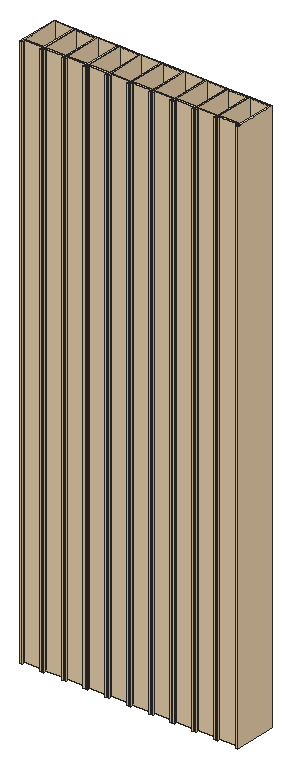
Revit family "Aluminium Post", category Mechanical Equipment, Revit 2017
Family settings
  Round Connector Dimension = Use Diameter
  Part Type = Normal
  Work Plane-Based = No
  Always vertical = Yes
  Cut with Voids When Loaded = No
  Shared = No
  Room Calculation Point = No
Parameters (values of type "Pine")
  URL = ""
  Single = Panel Number = 1  # no
  Panel Number = 10
  Distance between beam = 0 mm
  Array Number = if(Panel Number = 1, 2, Panel Number)  # 10
  Model = "Aluminium post"
  Manufacturer = "gtoaluminum"
  Height = 1000 mm
  Finish = Pine, Scots
  Dimensions = "2.36”W x 0.70”H x 19’L | 0.047” thickness"
  Description = "This profile is ideal for both interior and exterior cladding. It is slightly wider than the Click 40, making it suitable for covering more substantial surfaces. It can cover cracks, peelings, and marks on walls without the need for wall treatment. It can be used for pergolas, fences, doors, ceilings, and both interior and exterior walls. It comes in different shades of wood and other colors or can be painted in a custom color. The installation is effortless, and the finishing looks seamless without any noticeable screws or marks."
  Bottom Offset = 50 mm
  Array = not(Single)  # yes
Types (8, lengths in mm): name | Panel Number | Distance between beam | Array Number | Height | Finish | Dimensions
  (no name) | 10 | 0 | 10 | 1000 | Pine, Scots | "2.36”W x 0.70”H x 19’L | 0.047” thickness"
  Espresso | 5 | 0 | 5 | 3000 | Espresso | "2.36”W x 0.70”H x 19’L | 0.047” thickness"
  Oak | 5 | 5 | 5 | 3000 | Wood (Oak) | "2.36”W x 0.70”H x 19’L | 0.047” thickness"
  Pine | 10 | 0 | 10 | 1000 | Pine, Scots | "2.36”W x 0.70”H x 19’L | 0.047” thickness"
  Gray | 5 | 5 | 5 | 3000 | Gray | "2.36”W x 0.70”H x 19’L | 0.047” thickness"
  Charcol | 15 | 5 | 15 | 1500 | Charcol | "2.36”W x 0.70”H x 19’L | 0.047” thickness"
  Matte | 5 | 5 | 5 | 3000 | Matte | "2.36”W x 0.70”H x 19’L | 0.047” thickness"
  gloss | 10 | 10 | 10 | 1000 | Gloss | ""
Reference planes
  plane 1 "Center (Front/Back)": y = 0
  plane 2: z = 0
  plane 3 "Center (Left/Right)": x = 0
  plane 4: x = 37.061
  plane 5: x = 37.061
Dimensions and locks
  equal spacing: group 1, group 2, group 3, group 4, group 5, group 6, group 7, group 8, group 9, group 10  (x3)
  locked: plane 3 "Center (Left/Right)" to plane 4 at 37.061
  "Distance between beam": plane 4 to plane 5
  aligned and locked: level to plane 2
  aligned and locked: plane 3 "Center (Left/Right)" to nested 1
  aligned and locked: plane 3 "Center (Left/Right)" to nested 3
  aligned and locked: plane 5 to nested 2
Nested families
  nested 1: "profile" at (0, 0, 0), visible <- "Array", type "profile"
    with Height 1000 mm
  nested 2: "profile" at (37.061, 0, 0), visible <- "Array", type "profile"
    with Height 1000 mm
  nested 3: "profile" at (0, 0, 0), visible <- "Single", type "profile"
    with Height 1000 mm
  nested 4: "profile" at (74.122, 0, 0), visible <- "Array", type "profile"
    with Height 1000 mm
  nested 5: "profile" at (111.183, 0, 0), visible <- "Array", type "profile"
    with Height 1000 mm
  nested 6: "profile" at (148.244, 0, 0), visible <- "Array", type "profile"
    with Height 1000 mm
  nested 7: "profile" at (185.305, 0, 0), visible <- "Array", type "profile"
    with Height 1000 mm
  nested 8: "profile" at (222.366, 0, 0), visible <- "Array", type "profile"
    with Height 1000 mm
  nested 9: "profile" at (259.427, 0, 0), visible <- "Array", type "profile"
    with Height 1000 mm
  nested 10: "profile" at (296.489, 0, 0), visible <- "Array", type "profile"
    with Height 1000 mm
  nested 11: "profile" at (333.55, 0, 0), visible <- "Array", type "profile"
    with Height 1000 mm
Definition of nested family "profile"
  Parameters (values of type "profile")
    Height = 3000 mm
    Finish = none
    Bottom Offset = 50 mm
  Reference planes
    plane 1 "Center (Front/Back)": y = 0
    plane 2: z = 0
    plane 3 "Center (Left/Right)": x = 0
    plane 4: z = 3000
    plane 5: z = 50
  Forms (mm)
    Extrusion 1, solid, material <- "Finish"
      sketch origin (-100, 1.4, 0) x (1, 0, 0) y (0, 1, 0)
        loop
          line (101.608, 5.702) -> (135.408, 5.702) -> (135.408, 69.502) -> (101.608, 69.502) -> (101.608, 5.702)
        loop
          line (100, 71.111) -> (100, -1.4) -> (103.506, -1.4) -> (103.506, 0.405) -> (101.206, 0.405) -> (101.206, 4.089) -> (135.814, 4.089) -> (135.814, 0.385) -> (133.541, 0.385) -> (133.541, -1.385) -> (137.007, -1.385) -> (137.007, 71.111) -> (100, 71.111)
      from 50 to 3000
  Dimensions and locks
    "Height": plane 4 to plane 2
    "Bottom Offset": plane 5 to level
    aligned and locked: level to plane 2
    aligned and locked: Extrusion 1 to plane 4
    aligned and locked: plane 5 to Extrusion 1
  Automatic sketch dimensions
    plane 3 "Center (Left/Right)" to Extrusion 1 sketch curve = 37.007 mm
    Extrusion 1 sketch curve to Extrusion 1 sketch curve = 1.192 mm
    Extrusion 1 sketch curve to Extrusion 1 sketch curve = 1.599 mm
    Extrusion 1 sketch curve to Extrusion 1 sketch curve = 2.273 mm
    Extrusion 1 sketch curve to plane 1 "Center (Front/Back)" = 1.805 mm
    Extrusion 1 sketch curve to Extrusion 1 sketch curve = 30.036 mm
    Extrusion 1 sketch curve to Extrusion 1 sketch curve = 1.898 mm
    Extrusion 1 sketch curve to Extrusion 1 sketch curve = 2.3 mm
    Extrusion 1 sketch curve to Extrusion 1 sketch curve = 1.608 mm
    Extrusion 1 sketch curve to Extrusion 1 sketch curve = 1.805 mm
    Extrusion 1 sketch curve to plane 1 "Center (Front/Back)" = 0.015 mm
    Extrusion 1 sketch curve to Extrusion 1 sketch curve = 1.771 mm
    Extrusion 1 sketch curve to Extrusion 1 sketch curve = 3.703 mm
    Extrusion 1 sketch curve to Extrusion 1 sketch curve = 1.613 mm
    Extrusion 1 sketch curve to Extrusion 1 sketch curve = 63.8 mm
    Extrusion 1 sketch curve to Extrusion 1 sketch curve = 1.609 mm
